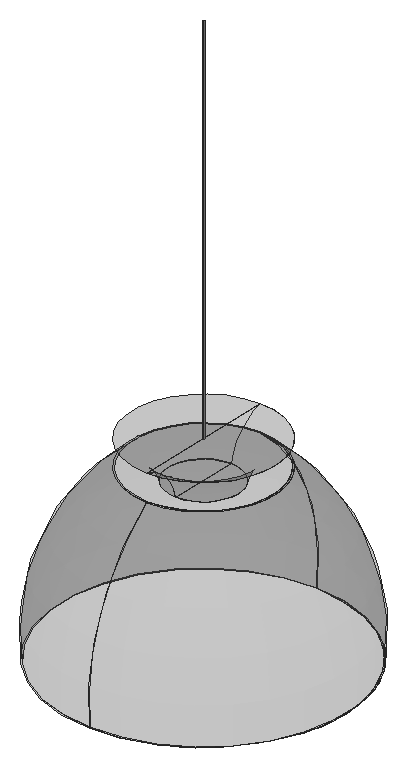
Revit family "Iluminação de pendente - Abajur", category Luminárias, Revit 2019
Family settings
  Hospedeiro = Forro
  Cota do conector redondo = Utilizar diâmetro
  Tipo de parte = Normal
  Número OmniClass = 23.80.70.11
  Título OmniClass = Luminaries for Internal Lighting
  Sempre na vertical = Sim
  Corte com vazios quando carregada = Não
  Fonte luminosa = Sim
  Compartilhado = Não
  Ponto de cálculo do ambiente = Não
Parameters (values of type "Irradiando para cima e para baixo")
  Wattage = 200 W
  built-in parameter 1150110 = 1 (stored number, unit not read)
  built-in parameter 1114217 = 1 (stored number, unit not read)
  built-in parameter 1150109 = 1 (stored number, unit not read)
  built-in parameter 1150134 = (empty or 0)
  built-in parameter 1150113 = 1 (stored number, unit not read)
  Visibilidade da sombra = no
  Material de sombra = Plástico - Branco
  Lumens = 3600 lm
  built-in parameter 1150115 = 1 (stored number, unit not read)
  built-in parameter 1150105 = 286.48 (stored number, unit not read)
  Tamanho do símbolo da fonte luminosa = 300.00 mm
  built-in parameter 1150137 = (empty or 0)
  built-in parameter 1150139 = (empty or 0)
  Material da luminária = Pano, Sombra da lâmpada
  built-in parameter 1150112 = 1 (stored number, unit not read)
  built-in parameter 1150114 = 1 (stored number, unit not read)
  built-in parameter 1150132 = (empty or 0)
  built-in parameter 1150102 = (empty or 0)
  built-in parameter 1150138 = (empty or 0)
  built-in parameter 1150107 = 3000 (stored number, unit not read)
  built-in parameter 1150106 = 2.8648 (stored number, unit not read)
  Altura = 300.00 mm
  built-in parameter 1150104 = 1.6723 (stored number, unit not read)
  Cair do forro [instance] = 1000.00 mm
  Troca de temperatura da cor de lâmpada com esmaecimento = <Nenhum>
  D = 45.00 mm
  Filtro de cor = 16777215
  Material montado no forro = Plástico - Branco
  built-in parameter 1114218 = 1 (stored number, unit not read)
  built-in parameter 1150133 = 10 (stored number, unit not read)
Types (3, lengths in mm): name | Visibilidade da sombra | D
  Irradiando para cima | yes | 45.00
  Irradiando para baixo | no | 0.00
  Irradiando para cima e para baixo | no | 45.00
Reference planes
  plane 1 "Eixo de origem da luz (F/T)": y = 0
  plane 2 "Forro": z = 2438.4
  plane 3 "Eixo de origem da luz (E/D)": x = 0
  plane 4 "Elevação da origem da luz": z = 1588.4
  plane 5: z = 1738.4
  plane 6: z = 1438.4
  plane 7: z = 1783.4
  plane 8: z = 1440.4
Forms (mm)
  Revolve 1, solid, material "Pano, Sombra da lâmpada" <- "Material da luminária"
    sketch origin (0, 0, -520) x (0, 1, 0) y (0, 0, 1)
      loop
        arc (-125, 2258.4) -> (-227.63, 2125.121) -> (-250, 1958.4) r 325.435
        line (-250, 1958.4) -> (-247.983, 1958.4)
        arc (-247.983, 1958.4) -> (-225.326, 2125.445) -> (-121.691, 2258.4) r 323.435
        line (-121.691, 2258.4) -> (-125, 2258.4)
      axis (0, 1958.4) -> (0, 2258.4)
    angle from 0 to 360
  Extrusion 2, solid, material "Plástico - Branco" <- "Material montado no forro"
    sketch origin (0, 0, 1588.4) x (0, -1, 0) y (1, 0, 0)
      loop
        circle (0, 0) r 0.995
    from 195 to 850
  Extrusion 3, solid, material "Plástico - Branco" <- "Material de sombra", visible <- "Visibilidade da sombra"
    sketch origin (0, 0, 0) x (1, 0, 0) y (0, 1, 0)
      loop
        circle (0, 0) r 247.983
    from 1438.4 to 1440.4
Dimensions and locks
  equal spacing: host sketch curve, plane 3 "Eixo de origem da luz (E/D)", host sketch curve
  equal spacing: host sketch curve, plane 1 "Eixo de origem da luz (F/T)", host sketch curve
  host sketch curve to host sketch curve = 3048.00 mm  (x2)
  "Cair do forro": plane 2 "Forro" to plane 6
  equal spacing: plane 5, plane 4 "Elevação da origem da luz", plane 6
  "D": plane 7 to plane 5
  "Altura": plane 5 to plane 6
  locked: plane 8 to plane 6 at 2
  aligned and locked: plane 1 "Eixo de origem da luz (F/T)" to imposter light
  aligned and locked: plane 2 "Forro" to Extrusion 2
  aligned and locked: nested 1 to plane 7
  aligned and locked: Extrusion 2 to plane 7
  aligned and locked: plane 2 "Forro" to host ceiling
  aligned and locked: Extrusion 3 sketch curve to Revolve 1  (x2)
  aligned and locked: plane 8 to Extrusion 3
  aligned and locked: Extrusion 3 to plane 6
  aligned and locked: plane 6 to imposter light
  aligned and locked: plane 3 "Eixo de origem da luz (E/D)" to imposter light
Automatic sketch dimensions
  plane 1 "Eixo de origem da luz (F/T)" to Extrusion 2 sketch curve = 0.00 mm
  Extrusion 2 sketch curve to plane 3 "Eixo de origem da luz (E/D)" = 0.00 mm
  Revolve 1 sketch curve to Revolve 1 sketch curve = 0.00 mm  (x4)
  Revolve 1 sketch curve to plane 5 = 0.00 mm
  Revolve 1 sketch curve to plane 1 "Eixo de origem da luz (F/T)" = 0.00 mm
  plane 6 to Revolve 1 sketch curve = 0.00 mm
  Revolve 1 sketch curve to plane 4 "Elevação da origem da luz" = 48.605 mm
  Revolve 1 sketch curve to plane 2 "Forro" = 53.605 mm
  plane 1 "Eixo de origem da luz (F/T)" to Revolve 1 sketch curve = 121.691 mm
  Revolve 1 sketch curve to Revolve 1 sketch curve = 3.309 mm
  plane 1 "Eixo de origem da luz (F/T)" to Revolve 1 sketch curve = 247.983 mm
  Revolve 1 sketch curve to Revolve 1 sketch curve = 2.017 mm
  radius of Extrusion 2 sketch curve = 0.995 mm
Nested families
  nested 1: "Capa da iluminação" at (0, 0, 1717.121), type "Capa da iluminação"
Definition of nested family "Capa da iluminação"
  Parameters
    Material da luminária = none
  Reference planes
    plane 1 "Centro (Frente/Trás)": y = 0
    plane 2: z = 0
    plane 3 "Centro (Esquerda/Direita)": x = 0
  Forms (mm)
    Revolve 1, solid, material <- "Material da luminária"
      sketch origin (0, 0, -2123.4) x (0, 1, 0) y (0, 0, 1)
        loop
          line (0, 2189.679) -> (-125, 2189.679)
          arc (-125, 2189.679) -> (-83.379, 2165.739) -> (-60.733, 2123.4) r 87.222
          line (-60.733, 2123.4) -> (0, 2123.4) -> (0, 2189.679)
        axis (0, 2189.679) -> (0, 2123.4)
      angle from 0 to 360
  Dimensions and locks
    aligned and locked: level to plane 2
